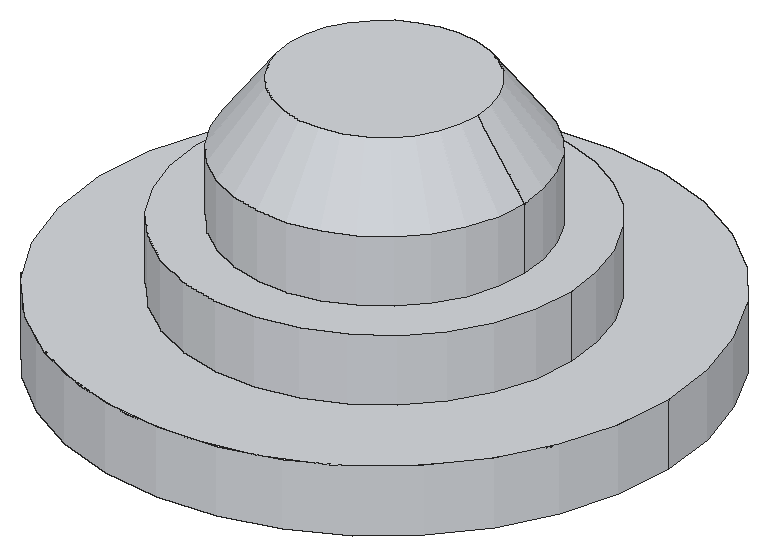
Revit family "945e775770c449bdbd5d150871031e7b", category Fire Alarm Devices, host Face, Revit 2021
Family settings
  Host = Face
  Maintain Annotation Orientation = No
  Round Connector Dimension = Use Diameter
  Part Type = Normal
  OmniClass Number = 23.85.30.21.11.11
  OmniClass Title = Fire/Smoke Detectors
  Seek Item ID = Heat Detector-0000-USA-ENU
  Cut with Voids When Loaded = No
  Shared = No
  Room Calculation Point = No
Parameters (values of type "Standard")
  Radius 2 = 0' - 0 3/4"
  Radius 3 = 0' - 1 1/8"
  Radius 1 = 0' - 1 1/2"
  Radius = Diameter * 0.5  # 0' - 2.2793"
  Label = ""
  Diameter = 0' - 4 143/256"
  Detector Material = none
  Length 3 = 0' - 0 1/2"
  Length 2 = 0' - 0 1/2"
  Length 1 = 0' - 0 1/2"
  Length = 0' - 2"
  Default Elevation = 4' - 0"
  Annotation Visibility 2 = no
  Annotation Visibility 1 = yes
Types (7): name | Label | Annotation Visibility 2 | Annotation Visibility 1
  (no name) | "" | no | yes
  Standard | "" | no | yes
  Combination Rate of Rise and Fixed | "R/F" | yes | no
  Rate Compensation | "R/C" | yes | no
  Rate of Rise Only | "R" | yes | no
  Thermal Detector | "" | yes | no
  Fixed Temperature | "F" | yes | no
Reference planes (in)
  plane 1 "Center (Front/Back)": y = 0
  plane 2: z = 0
  plane 3 "Center (Left/Right)": x = 0
  plane 4: z = 0.5
  plane 5: z = 2
  plane 6: z = 1.5
  plane 7: z = 1
Forms (in)
  Extrusion 1, solid, material <- "Detector Material"
    sketch origin (0, 0, 0) x (1, 0, 0) y (0, 1, 0)
      loop
        circle (0, 0) r 2.2793
    from 0 to 0.5
  Extrusion 2, solid, material <- "Detector Material"
    sketch origin (0, 0, 0) x (1, 0, 0) y (0, 1, 0)
      loop
        circle (0, 0) r 1.5
    from 0.5 to 1
  Blend 3, solid, material <- "Detector Material"
    base sketch origin (0, 0, 0) x (1, 0, 0) y (0, 1, 0)
      loop
        circle (0, 0) r 1.125
    top sketch origin (0, 0, 0) x (1, 0, 0) y (0, 1, 0)
      loop
        circle (0, 0) r 0.75
    from 1.5 to 2
  Extrusion 4, solid, material <- "Detector Material"
    sketch origin (0, 0, 0) x (1, 0, 0) y (0, 1, 0)
      loop
        circle (0, 0) r 1.125
    from 1 to 1.5
Cuts and joins
  joined: Extrusion 1, Extrusion 2, Blend 3, Extrusion 4
Lines and regions (in)
  symbolic lines, detail levels fine
    curve 1: arc (-2.2793, 0, 0) -> (0, -2.2793, 0) -> (2.2793, 0, 0) r 2.2793
    curve 2: arc (2.2793, 0, 0) -> (0, 2.2793, 0) -> (-2.2793, 0, 0) r 2.2793
    curve 3: arc (1.5, 0, 0) -> (0, 1.5, 0) -> (-1.5, 0, 0) r 1.5
    curve 4: arc (-1.5, 0, 0) -> (0, -1.5, 0) -> (1.5, 0, 0) r 1.5
    curve 5: arc (-1.125, 0, 0) -> (0, -1.125, 0) -> (1.125, 0, 0) r 1.125
    curve 6: arc (1.125, 0, 0) -> (0, 1.125, 0) -> (-1.125, 0, 0) r 1.125
    curve 7: arc (0.75, 0, 0) -> (0, 0.75, 0) -> (-0.75, 0, 0) r 0.75
    curve 8: arc (-0.75, 0, 0) -> (0, -0.75, 0) -> (0.75, 0, 0) r 0.75
Dimensions and locks (in)
  "Length 1": plane 4 to level
  "Length": plane 5 to level
  "Length 2": plane 7 to plane 4
  "Length 3": plane 6 to plane 7
  "Radius": radius of Extrusion 1 sketch curve
  "Radius 1": radius of Extrusion 2 sketch curve
  "Radius 3": radius of Blend 3 sketch curve
  "Radius 2": radius of Blend 3 sketch curve
  "Radius 3": radius of Extrusion 4 sketch curve
  aligned and locked: plane 2 to host face
  aligned and locked: level to host face
  aligned and locked: Extrusion 1 to plane 2
  aligned and locked: plane 4 to Extrusion 1
  aligned and locked: Extrusion 2 to plane 4
  aligned and locked: plane 1 "Center (Front/Back)" to Blend 3 sketch curve  (x2)
  aligned and locked: plane 3 "Center (Left/Right)" to Blend 3 sketch curve  (x2)
  aligned and locked: plane 5 to Blend 3
  aligned and locked: Blend 3 to plane 6
  aligned and locked: Blend 3 to plane 5
  aligned and locked: plane 1 "Center (Front/Back)" to Extrusion 1 sketch curve
  aligned and locked: plane 3 "Center (Left/Right)" to Extrusion 1 sketch curve
  aligned and locked: plane 1 "Center (Front/Back)" to Extrusion 2 sketch curve
  aligned and locked: plane 3 "Center (Left/Right)" to Extrusion 2 sketch curve
  aligned and locked: plane 1 "Center (Front/Back)" to Extrusion 4 sketch curve
  aligned and locked: plane 3 "Center (Left/Right)" to Extrusion 4 sketch curve
  aligned and locked: plane 6 to Extrusion 4
  aligned and locked: plane 7 to cut or joined group of Extrusion 1, Extrusion 2, Blend 3, Extrusion 4  (x2)
  aligned and locked: cut or joined group of Extrusion 1, Extrusion 2, Blend 3, Extrusion 4 to plane 7
  aligned and locked: curve 1 to cut or joined group of Extrusion 1, Extrusion 2, Blend 3, Extrusion 4
  aligned and locked: curve 2 to cut or joined group of Extrusion 1, Extrusion 2, Blend 3, Extrusion 4
  aligned and locked: curve 3 to cut or joined group of Extrusion 1, Extrusion 2, Blend 3, Extrusion 4
  aligned and locked: curve 4 to cut or joined group of Extrusion 1, Extrusion 2, Blend 3, Extrusion 4
  aligned and locked: curve 5 to cut or joined group of Extrusion 1, Extrusion 2, Blend 3, Extrusion 4
  aligned and locked: curve 6 to cut or joined group of Extrusion 1, Extrusion 2, Blend 3, Extrusion 4
  aligned and locked: curve 7 to cut or joined group of Extrusion 1, Extrusion 2, Blend 3, Extrusion 4
  aligned and locked: curve 8 to cut or joined group of Extrusion 1, Extrusion 2, Blend 3, Extrusion 4
  aligned and locked: plane 1 "Center (Front/Back)" to nested 2
  aligned and locked: nested 2 to plane 3 "Center (Left/Right)"
  aligned and locked: plane 1 "Center (Front/Back)" to nested 1
  aligned and locked: plane 3 "Center (Left/Right)" to nested 1
Automatic sketch dimensions
  host sketch curve to host sketch curve = 8' - 0"  (x2)
Nested families (in)
  nested 1: "Heat Detector Annotation" at (0, 0, 0), visible <- "Annotation Visibility 1", type "Heat Detector Annotation", detail levels coarse+medium
  nested 2: "Heat Detector Annotation 2" at (0, 0, 0), visible <- "Annotation Visibility 2", type "Heat Detector Annotation 2", detail levels coarse+medium
Connectors (in)
  electrical at (0, 0, 0)
    settings: on Extrusion 1, index 1, voltage 0 V, apparent load 0 VA, apparent load phase1 0 VA, apparent load phase2 0 VA, apparent load phase3 0 VA, power factor 1, load classification "Other", number of poles 1, system type 11, power factor state 1, is connector primary yes, connector utility no, sub classification motor no, connector description ""
Definition of nested family "Heat Detector Annotation"
  Parameters
    Label Annotation = "H"
  Reference planes (in)
    plane 1: y = 0
    plane 2: x = 0
  Lines and regions (in)
    reference lines
      curve 1: line (-0.59408, 0.0625, 0) -> (1.03342, 0.0625, 0)
    detail lines
      curve 2: line (0, 0.0625, 0) -> (-0.05413, 0.03125, 0)
      curve 3: line (-0.05413, 0.03125, 0) -> (-0.05413, -0.03125, 0)
      curve 4: line (-0.05413, -0.03125, 0) -> (0, -0.0625, 0)
      curve 5: line (0, -0.0625, 0) -> (0.05413, -0.03125, 0)
      curve 6: line (0.05413, -0.03125, 0) -> (0.05413, 0.03125, 0)
      curve 7: line (0.05413, 0.03125, 0) -> (0, 0.0625, 0)
  Text (in)
    label "H" at (-0.02775, 0.00018, 0), shows "Label Annotation"
  Dimensions and locks (in)
    locked: plane 1 to curve 1 at 0.0625
Definition of nested family "Heat Detector Annotation 2"
  Parameters
    Label Annotation = ""
  Reference planes (in)
    plane 1: y = 0
    plane 2: x = 0
  Lines and regions (in)
    Filled region 1, type "Filled region 1"
      outline origin (0, 0, 0) x (1, 0, 0) y (0, 1, 0)
        loop
          circle (0, -0.025) r 0.03128
    reference lines
      curve 1: line (-0.59408, 0.0625, 0) -> (1.03342, 0.0625, 0)
      curve 3: line (-0.24455, 0.05, 0) -> (0.32846, 0.05, 0)
      curve 4: line (-0.27428, -0.025, 0) -> (0.40402, -0.025, 0)
    detail lines
      curve 2: circle (0, 0, 0) r 0.0625 normal (0, 0, 1)
      curve 5: line (0, 0.05, 0) -> (0, 0, 0)
      curve 6: circle (0, -0.025, 0) r 0.03128 normal (0, 0, 1)
  Text (in)
    label "R/F" at (0.16635, -0.06996, 0), shows "Label Annotation"
  Dimensions and locks (in)
    locked: plane 1 to curve 1 at 0.0625
    locked: plane 1 to curve 3 at 0.05
    locked: curve 4 to plane 1 at 0.025
    aligned and locked: curve 3 to curve 5
    aligned and locked: plane 1 to curve 5
    aligned and locked: curve 5 to plane 2
    aligned and locked: Filled region 1 sketch curve to curve 6
